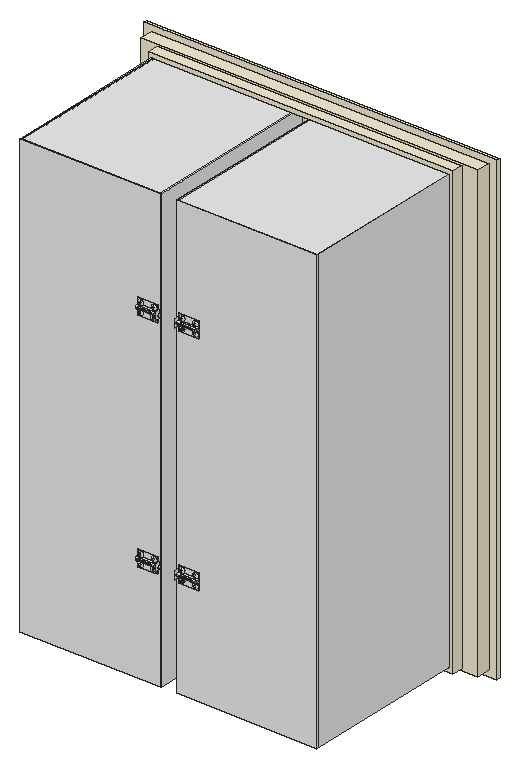
Revit family "4C-11_Door_High_Units_RL.rfa", category Specialty Equipment, host Wall, Revit 2016 (continued)
Definition of nested family "3700 Series 4C OM2 Configuration"
  Dimensions and locks (in)
    equal spacing: plane 4 "Left Side Face of Door", plane 3 "Center (Left/Right)", plane 5 "Right Side Face of Door"
    "Door Width": plane 4 "Left Side Face of Door" to plane 5 "Right Side Face of Door"
    plane 8 to level = 3.23047"
    equal spacing: plane 8, plane 9, level
    locked: plane 7 "Front Face of Door" to plane 10 at 0.343
    "Center Lock-Vertical": plane 4 "Left Side Face of Door" to plane 11 "Center Lock Vertical"
    "Center Lock-Horizontal": plane 8 to plane 12 "Center Lock Horizontal"
    locked: plane 14 "Divider Height Align" to plane 8 at 0.27
    plane 4 "Left Side Face of Door" to plane 16 "Left Stud Align" to plane 17 "Right Stud Align" = 0.985", 2.813"
    plane 8 to plane 18 "Top Stud Align" to plane 19 "Bottom Stud Align" = 0.959", 1.312"
    plane 20 "Hinge Stud Align" to plane 5 "Right Side Face of Door" = 1.000"
    plane 8 to plane 21 "Mail Plate Top" to plane 22 "Mail Plate Bottom" = 0.615", 2.000"
    plane 4 "Left Side Face of Door" to plane 23 to plane 24 = 4.528", 4.000"
    plane 27 "Top of Mail Drop Divider" to plane 26 "Top of Mail Drop Door" to plane 14 "Divider Height Align" = 0.26953" locked, 3.23047"
    "Door Height": plane 27 "Top of Mail Drop Divider" to level
    plane 28 "Face of Mail Drop" to plane 10 = 0.150"
    locked: plane 27 "Top of Mail Drop Divider" to plane 29 "Top of Mail Slot" at 0.5796
    locked: plane 29 "Top of Mail Slot" to plane 30 "Bottom of Mail Slot" at 0.75
    locked: plane 4 "Left Side Face of Door" to plane 31 "Left Edge of Mail Slot" at 1.312
    locked: plane 32 "Right Edge of Mail Slot" to plane 5 "Right Side Face of Door" at 1.312
    locked: plane 33 "Mail Slot Bottom Protusion" to plane 29 "Top of Mail Slot" at 0.089
    plane 28 "Face of Mail Drop" to plane 34 = 0.174"
    plane 33 "Mail Slot Bottom Protusion" to plane 35 = 0.3535"
    plane 28 "Face of Mail Drop" to plane 36 "Front of Awning" = 1.315"
    plane 4 "Left Side Face of Door" to plane 5 "Right Side Face of Door" = 13.375"
    plane 6 "Back Face of Door" to plane 36 "Front of Awning" = 1.76191"
    "Access Lock Offset": plane 39 "Access Lock Offset" to plane 6 "Back Face of Door"
    aligned and locked: level to plane 2 "Bottom of Door"
    aligned and locked: plane 4 "Left Side Face of Door" to Extrusion 1
    aligned and locked: plane 6 "Back Face of Door" to Extrusion 1
    aligned and locked: plane 7 "Front Face of Door" to Extrusion 1
    aligned and locked: Extrusion 1 to level
    aligned and locked: plane 8 to Extrusion 1
    aligned and locked: Extrusion 2 sketch curve to plane 4 "Left Side Face of Door"
    aligned and locked: Extrusion 2 sketch curve to plane 6 "Back Face of Door"
    aligned and locked: plane 5 "Right Side Face of Door" to Extrusion 2 sketch curve
    aligned and locked: Extrusion 2 to plane 8
    aligned and locked: plane 10 to Extrusion 2 sketch curve
    aligned and locked: plane 14 "Divider Height Align" to Extrusion 2
    aligned and locked: plane 4 "Left Side Face of Door" to Extrusion 2
    aligned and locked: Extrusion 2 to plane 5 "Right Side Face of Door"
    aligned and locked: Extrusion 13 to plane 28 "Face of Mail Drop"
    aligned and locked: plane 29 "Top of Mail Slot" to Extrusion 14 sketch curve
    aligned and locked: cut or joined group of Extrusion 13, Extrusion 14 to cut or joined group of Extrusion 13, Extrusion 14
    aligned and locked: cut or joined group of Extrusion 1, Extrusion 3 to plane 2 "Bottom of Door"
  Automatic sketch dimensions
    Extrusion 1 sketch curve to plane 4 "Left Side Face of Door" = 0.000"
    Extrusion 1 sketch curve to plane 6 "Back Face of Door" = 0.000"
    Extrusion 1 sketch curve to plane 7 "Front Face of Door" = 0.000"
    Extrusion 1 sketch curve to plane 5 "Right Side Face of Door" = 0.000"
    Extrusion 1 sketch curve to plane 4 "Left Side Face of Door" = 0.252"
    Extrusion 1 sketch curve to plane 20 "Hinge Stud Align" = 0.36875"
    Extrusion 1 sketch curve to plane 25 "Face of Mail Plate" = 0.07029"
    plane 5 "Right Side Face of Door" to Extrusion 1 sketch curve = 0.195"
    Extrusion 1 sketch curve to plane 25 "Face of Mail Plate" = 0.10562"
    Extrusion 1 sketch curve to plane 13 "Face of Lock" = 0.07658"
    plane 1 "Center (Front/Back)" to Extrusion 1 sketch curve = 0.05445"
    Extrusion 1 sketch curve to plane 13 "Face of Lock" = 0.12063"
    Extrusion 5 sketch curve to plane 11 "Center Lock Vertical" = 0.0293"
    plane 11 "Center Lock Vertical" to Extrusion 5 sketch curve = 0.0293"
    Extrusion 5 sketch curve to plane 9 = 0.30959"
    plane 9 to Extrusion 5 sketch curve = 0.30959"
    plane 16 "Left Stud Align" to Blend 6 sketch curve = 0.000"  (x2)
    Blend 6 sketch curve to plane 18 "Top Stud Align" = 0.000"  (x2)
    plane 17 "Right Stud Align" to Blend 7 sketch curve = 0.000"  (x2)
    Blend 7 sketch curve to plane 18 "Top Stud Align" = 0.000"  (x2)
    plane 16 "Left Stud Align" to Blend 8 sketch curve = 0.000"  (x2)
    Blend 8 sketch curve to plane 19 "Bottom Stud Align" = 0.000"  (x2)
    plane 17 "Right Stud Align" to Blend 9 sketch curve = 0.000"  (x2)
    Blend 9 sketch curve to plane 19 "Bottom Stud Align" = 0.000"  (x2)
    Blend 10 sketch curve to plane 18 "Top Stud Align" = 0.000"  (x2)
    plane 20 "Hinge Stud Align" to Blend 10 sketch curve = 0.000"  (x2)
    Blend 11 sketch curve to plane 19 "Bottom Stud Align" = 0.000"  (x2)
    plane 20 "Hinge Stud Align" to Blend 11 sketch curve = 0.000"  (x2)
    plane 24 to Extrusion 12 sketch curve = 0.000"
    Extrusion 12 sketch curve to plane 22 "Mail Plate Bottom" = 0.000"
    Extrusion 12 sketch curve to plane 21 "Mail Plate Top" = 0.000"
    plane 23 to Extrusion 12 sketch curve = 0.000"
    plane 24 to Extrusion 12 sketch curve = 0.19922"  (x2)
    plane 18 "Top Stud Align" to Extrusion 12 sketch curve = 0.14478"
    Extrusion 12 sketch curve to plane 23 = 0.19922"
    Extrusion 13 sketch curve to plane 5 "Right Side Face of Door" = 0.000"
    Extrusion 13 sketch curve to plane 4 "Left Side Face of Door" = 0.000"
    Extrusion 13 sketch curve to plane 6 "Back Face of Door" = 0.000"
    Extrusion 13 sketch curve to plane 7 "Front Face of Door" = 0.193"
    Extrusion 14 sketch curve to plane 30 "Bottom of Mail Slot" = 0.000"
    plane 32 "Right Edge of Mail Slot" to Extrusion 14 sketch curve = 0.375"
    Extrusion 14 sketch curve to plane 31 "Left Edge of Mail Slot" = 0.375"
    Extrusion 15 sketch curve to plane 35 = 0.000"
    Extrusion 15 sketch curve to plane 33 "Mail Slot Bottom Protusion" = 0.000"
    Extrusion 15 sketch curve to plane 34 = 0.000"
    Extrusion 15 sketch curve to plane 27 "Top of Mail Drop Divider" = 0.000"
    Extrusion 15 sketch curve to plane 6 "Back Face of Door" = 0.000"
    plane 26 "Top of Mail Drop Door" to Extrusion 15 sketch curve = 0.07158"
    Extrusion 15 sketch curve to plane 34 = 0.24578"
    plane 26 "Top of Mail Drop Door" to Extrusion 15 sketch curve = 0.09984"
    Extrusion 15 sketch curve to Extrusion 15 sketch curve = 0.01632"
    plane 37 to Extrusion 15 sketch curve = 0.05062"
    Extrusion 15 sketch curve to plane 33 "Mail Slot Bottom Protusion" = 0.01599"
    plane 33 "Mail Slot Bottom Protusion" to Extrusion 15 sketch curve = 0.01227"
    plane 36 "Front of Awning" to Extrusion 15 sketch curve = 0.17915"
    plane 35 to Extrusion 15 sketch curve = 0.02246"
    Extrusion 15 sketch curve to Extrusion 15 sketch curve = 0.0724"
    plane 36 "Front of Awning" to Extrusion 15 sketch curve = 0.04696"
    plane 36 "Front of Awning" to Extrusion 15 sketch curve = 0.02469"
    plane 36 "Front of Awning" to Extrusion 15 sketch curve = 0.00781"
    Extrusion 15 sketch curve to Extrusion 15 sketch curve = 0.05983"
    Extrusion 4 sketch curve to plane 9 = 0.000"
    plane 11 "Center Lock Vertical" to Extrusion 4 sketch curve = 0.000"
    Extrusion 3 sketch curve to plane 9 = 0.000"
    plane 11 "Center Lock Vertical" to Extrusion 3 sketch curve = 0.000"
    radius of Blend 6 sketch curve = 0.15665"
    radius of Blend 6 sketch curve = 0.3125"
    radius of Blend 7 sketch curve = 0.15665"
    radius of Blend 7 sketch curve = 0.3125"
    radius of Blend 8 sketch curve = 0.15665"
    radius of Blend 8 sketch curve = 0.3125"
    radius of Blend 9 sketch curve = 0.15665"
    radius of Blend 9 sketch curve = 0.3125"
    radius of Blend 10 sketch curve = 0.15665"
    radius of Blend 10 sketch curve = 0.3125"
    radius of Blend 11 sketch curve = 0.15665"
    radius of Blend 11 sketch curve = 0.3125"
    radius of Extrusion 4 sketch curve = 0.42913"
    radius of Extrusion 3 sketch curve = 0.4375"
Definition of nested family "4C Latch Lock-Right"
  Parameters (values of type "Lock Latch")
    Width = 1.750"
    Type Comments = "Lock Latch for Aluminum Mailboxes"
    Visible Latch = yes
    Manufacturer = "Salsbury Industries"
    Height = 1.375"
    Depth = 0.244"
    Back Enclosure Material = none
  Reference planes (in)
    plane 1 "Center (Front/Back)": y = 0
    plane 2 "left": z = 0
    plane 3 "Center (Left/Right)": x = 0
    plane 4 "top": x = -0.875
    plane 5 "bottom": x = 0.875
    plane 6 "Front": y = 0.122
    plane 7 "Back": y = -0.122
    plane 8 "Vertical Center": z = 0.6875
    plane 9 "right": z = 1.375
    plane 10: x = -1
    plane 11: x = -1.125
  Forms (in)
    Extrusion 1, solid, material <- "Back Enclosure Material", visible <- "Visible Latch"
      sketch origin (-0.67187, 0, 0.67188) x (0, 0, -1) y (0, 1, 0)
        loop
          line (-0.22131, -0.0902) -> (-0.70312, -0.0902) -> (-0.70312, -0.12209) -> (-0.22129, -0.12209)
          arc (-0.22129, -0.12209) -> (-0.1389, -0.08579) -> (-0.11009, -0.00048) r 0.11165
          arc (-0.11009, -0.00048) -> (-0.01599, 0.09362) -> (0.07812, -0.00048) r 0.09411
          arc (0.07812, -0.00048) -> (0.10866, -0.08591) -> (0.19189, -0.122) r 0.11401
          line (0.19189, -0.122) -> (0.67187, -0.122) -> (0.67187, -0.08954) -> (0.19205, -0.08954)
          arc (0.19205, -0.08954) -> (0.13091, -0.06294) -> (0.10869, -0.00006) r 0.08357
          arc (0.10869, -0.00006) -> (-0.01625, 0.12487) -> (-0.14118, -0.00006) r 0.12494
          arc (-0.14118, -0.00006) -> (-0.16101, -0.06312) -> (-0.22131, -0.0902) r 0.08069
      from -0.20313 to 1.54687
    Extrusion 2, void
      sketch origin (-0.86719, 0.122, 0.78906) x (0, 0, -1) y (1, 0, 0)
        loop
          line (0.02064, 1.43976) -> (0.02064, 0.31562) -> (0.29045, 0.31562) -> (0.29045, 0.47278) -> (0.12796, 0.47278) -> (0.12796, 1.28526) -> (0.27447, 1.28526) -> (0.27447, 1.43976) -> (0.02064, 1.43976)
      from -0.01091 to 0.1442
    Blend 3, solid, material <- "Back Enclosure Material", visible <- "Visible Latch"
      base sketch origin (-0.95312, 0.122, 0.96875) x (0, 0, -1) y (1, 0, 0)
        loop
          circle (-0.1252, 1.55349) r 0.1
      top sketch origin (-0.95312, 0.122, 0.96875) x (0, 0, -1) y (1, 0, 0)
        loop
          circle (-0.1252, 1.55349) r 0.215
      from 0.16742 to 0.21154
    Blend 4, solid, material <- "Back Enclosure Material", visible <- "Visible Latch"
      base sketch origin (-0.95312, 0.122, -0.54015) x (0, 0, -1) y (1, 0, 0)
        loop
          circle (-0.8037, 1.55349) r 0.1
      top sketch origin (-0.95312, 0.122, -0.54015) x (0, 0, -1) y (1, 0, 0)
        loop
          circle (-0.8037, 1.55349) r 0.215
      from 0.16742 to 0.21154
    Blend 5, solid, material <- "Back Enclosure Material", visible <- "Visible Latch"
      base sketch origin (-1.95312, 0.122, 0.96875) x (0, 0, -1) y (1, 0, 0)
        loop
          circle (-0.1252, 1.36599) r 0.1
      top sketch origin (-1.95312, 0.122, 0.96875) x (0, 0, -1) y (1, 0, 0)
        loop
          circle (-0.1252, 1.36599) r 0.215
      from 0.16742 to 0.21154
    Blend 6, solid, material <- "Back Enclosure Material", visible <- "Visible Latch"
      base sketch origin (-1.95312, 0.122, -0.55578) x (0, 0, -1) y (1, 0, 0)
        loop
          circle (-0.8037, 1.36599) r 0.1
      top sketch origin (-1.95312, 0.122, -0.55578) x (0, 0, -1) y (1, 0, 0)
        loop
          circle (-0.8037, 1.36599) r 0.215
      from 0.16742 to 0.21154
    Extrusion 7, solid, material <- "Back Enclosure Material", visible <- "Visible Latch"
      sketch origin (-1.22585, -7.77812, 0.87452) x (0, 0, -1) y (0, 1, 0)
        loop
          circle (0.18702, 7.77784) r 0.09014
      from 0.10085 to 2.10085
    Extrusion 8, solid, material <- "Back Enclosure Material", visible <- "Visible Latch"
      sketch origin (-0.59584, -7.78798, 0.67188) x (1, 0, 0) y (0, 1, 0)
        loop
          circle (0.12087, 7.81979) r 0.05
      from 0.01562 to -0.5
    Extrusion 9, solid, material <- "Back Enclosure Material", visible <- "Visible Latch"
      sketch origin (-1.09375, -0.02845, 1.02999) x (0, 0, -1) y (1, 0, 0)
        loop
          line (0.68574, 0.09375) -> (0.68574, 0.12475) -> (-0.00176, 0.12475) -> (-0.00176, 0.09375) -> (0.68574, 0.09375)
      from -0.25 to 0.09355
    Extrusion 10, void
      sketch origin (-0.969, -7.77845, 0.87437) x (0, 0, -1) y (0, -1, 0)
        loop
          circle (0.18637, -7.77776) r 0.09325
      from 0 to 0.031
  Cuts and joins
    Extrusion 2 cuts Extrusion 1
    Extrusion 10 cuts Extrusion 9
  Dimensions and locks (in)
    equal spacing: plane 7 "Back", plane 1 "Center (Front/Back)", plane 6 "Front"
    "Depth": plane 7 "Back" to plane 6 "Front"
    equal spacing: plane 4 "top", plane 3 "Center (Left/Right)", plane 5 "bottom"
    "Width": plane 4 "top" to plane 5 "bottom"
    equal spacing: plane 9 "right", plane 8 "Vertical Center", plane 2 "left"
    "Height": plane 9 "right" to plane 2 "left"
    plane 10 to plane 4 "top" = 0.125"
    plane 11 to plane 4 "top" = 0.250"
    plane 10 to plane 11 = 0.125"
    aligned and locked: level to plane 2 "left"
  Automatic sketch dimensions
    Extrusion 1 sketch curve to plane 7 "Back" = 0.000"
    Extrusion 1 sketch curve to plane 7 "Back" = 0.0318"
    plane 9 "right" to Extrusion 1 sketch curve = 0.000"
    Extrusion 1 sketch curve to plane 8 "Vertical Center" = 0.20569"
    plane 7 "Back" to Extrusion 1 sketch curve = 0.00009"
    Extrusion 1 sketch curve to plane 8 "Vertical Center" = 0.20567"
    plane 1 "Center (Front/Back)" to Extrusion 1 sketch curve = 0.00006"
    Extrusion 1 sketch curve to plane 8 "Vertical Center" = 0.00062"
    Extrusion 1 sketch curve to Extrusion 1 sketch curve = 0.00026"
    Extrusion 1 sketch curve to Extrusion 1 sketch curve = 0.20788"
    Extrusion 1 sketch curve to Extrusion 1 sketch curve = 0.00016"
    Extrusion 1 sketch curve to level = 0.000"
    Extrusion 1 sketch curve to plane 7 "Back" = 0.03246"
    plane 1 "Center (Front/Back)" to Extrusion 1 sketch curve = 0.01045"
    Extrusion 1 sketch curve to Extrusion 1 sketch curve = 0.00094"
    Extrusion 1 sketch curve to Extrusion 1 sketch curve = 0.00201"
    Extrusion 2 sketch curve to plane 8 "Vertical Center" = 0.08092"
    plane 5 "bottom" to Extrusion 2 sketch curve = 0.45693"
    plane 8 "Vertical Center" to Extrusion 2 sketch curve = 0.0264"
    Extrusion 2 sketch curve to Extrusion 2 sketch curve = 0.16249"
    Extrusion 2 sketch curve to Extrusion 2 sketch curve = 0.14651"
    Extrusion 2 sketch curve to plane 3 "Center (Left/Right)" = 0.3944"
    Extrusion 2 sketch curve to plane 4 "top" = 0.32343"
    plane 5 "bottom" to Extrusion 2 sketch curve = 0.30243"
    plane 5 "bottom" to Blend 3 sketch curve = 0.27463"  (x2)
    Blend 3 sketch curve to plane 8 "Vertical Center" = 0.40645"  (x2)
    plane 5 "bottom" to Blend 4 sketch curve = 0.27463"  (x2)
    level to Blend 4 sketch curve = 0.26355"  (x2)
    Blend 5 sketch curve to plane 8 "Vertical Center" = 0.40645"  (x2)
    Blend 5 sketch curve to plane 3 "Center (Left/Right)" = 0.58713"  (x2)
    level to Blend 6 sketch curve = 0.24792"  (x2)
    Blend 6 sketch curve to plane 3 "Center (Left/Right)" = 0.58713"  (x2)
    plane 1 "Center (Front/Back)" to Extrusion 7 sketch curve = 0.00028"
    plane 8 "Vertical Center" to Extrusion 7 sketch curve = 0.000"
    Extrusion 8 sketch curve to plane 1 "Center (Front/Back)" = 0.03181"
    Extrusion 8 sketch curve to plane 4 "top" = 0.40003"
    Extrusion 9 sketch curve to plane 8 "Vertical Center" = 0.34425"
    level to Extrusion 9 sketch curve = 0.34425"
    plane 4 "top" to Extrusion 9 sketch curve = 0.125"
    Extrusion 9 sketch curve to Extrusion 9 sketch curve = 0.031"
    plane 1 "Center (Front/Back)" to Extrusion 10 sketch curve = 0.0007"
    Extrusion 10 sketch curve to plane 8 "Vertical Center" = 0.0005"
    radius of Blend 3 sketch curve = 0.100"
    radius of Blend 3 sketch curve = 0.215"
    radius of Blend 4 sketch curve = 0.100"
    radius of Blend 4 sketch curve = 0.215"
    radius of Blend 5 sketch curve = 0.100"
    radius of Blend 5 sketch curve = 0.215"
    radius of Blend 6 sketch curve = 0.100"
    radius of Blend 6 sketch curve = 0.215"
    radius of Extrusion 7 sketch curve = 0.09014"
    radius of Extrusion 8 sketch curve = 0.050"
    radius of Extrusion 10 sketch curve = 0.09325"
Definition of nested family "4C Latch Lock-Left"
  Parameters (values of type "Lock Latch")
    Width = 1.750"
    Type Comments = "Lock Latch for Aluminum Mailboxes"
    Visible Latch = yes
    Manufacturer = "Salsbury Industries"
    Height = 1.375"
    Depth = 0.244"
    Back Enclosure Material = none
  Reference planes (in)
    plane 1 "Center (Front/Back)": y = 0
    plane 2 "left": z = 0
    plane 3 "Center (Left/Right)": x = 0
    plane 4 "top": x = -0.875
    plane 5 "bottom": x = 0.875
    plane 6 "Front": y = 0.122
    plane 7 "Back": y = -0.122
    plane 8 "Vertical Center": z = 0.6875
    plane 9 "right": z = 1.375
    plane 10: x = 1
    plane 11: x = 1.125
  Forms (in)
    Extrusion 1, solid, material <- "Back Enclosure Material", visible <- "Visible Latch"
      sketch origin (-0.67187, 0, 0.67188) x (0, 0, -1) y (0, 1, 0)
        loop
          line (-0.22131, -0.0902) -> (-0.70312, -0.0902) -> (-0.70312, -0.12209) -> (-0.22129, -0.12209)
          arc (-0.22129, -0.12209) -> (-0.1389, -0.08579) -> (-0.11009, -0.00048) r 0.11165
          arc (-0.11009, -0.00048) -> (-0.01599, 0.09362) -> (0.07812, -0.00048) r 0.09411
          arc (0.07812, -0.00048) -> (0.10866, -0.08591) -> (0.19189, -0.122) r 0.11401
          line (0.19189, -0.122) -> (0.67187, -0.122) -> (0.67187, -0.08954) -> (0.19205, -0.08954)
          arc (0.19205, -0.08954) -> (0.13091, -0.06294) -> (0.10869, -0.00006) r 0.08357
          arc (0.10869, -0.00006) -> (-0.01625, 0.12487) -> (-0.14118, -0.00006) r 0.12494
          arc (-0.14118, -0.00006) -> (-0.16101, -0.06312) -> (-0.22131, -0.0902) r 0.08069
      from -0.20313 to 1.54687
    Extrusion 2, void
      sketch origin (-0.86719, 0.122, 0.78906) x (0, 0, -1) y (1, 0, 0)
        loop
          line (0.02064, 1.43976) -> (0.02064, 0.31562) -> (0.29045, 0.31562) -> (0.29045, 0.47278) -> (0.12796, 0.47278) -> (0.12796, 1.28526) -> (0.27447, 1.28526) -> (0.27447, 1.43976) -> (0.02064, 1.43976)
      from -0.01091 to 0.1442
    Blend 3, solid, material <- "Back Enclosure Material", visible <- "Visible Latch"
      base sketch origin (-0.95312, 0.122, 0.96875) x (0, 0, -1) y (1, 0, 0)
        loop
          circle (-0.1252, 1.55349) r 0.1
      top sketch origin (-0.95312, 0.122, 0.96875) x (0, 0, -1) y (1, 0, 0)
        loop
          circle (-0.1252, 1.55349) r 0.215
      from 0.16742 to 0.21154
    Blend 4, solid, material <- "Back Enclosure Material", visible <- "Visible Latch"
      base sketch origin (-0.95312, 0.122, -0.54015) x (0, 0, -1) y (1, 0, 0)
        loop
          circle (-0.8037, 1.55349) r 0.1
      top sketch origin (-0.95312, 0.122, -0.54015) x (0, 0, -1) y (1, 0, 0)
        loop
          circle (-0.8037, 1.55349) r 0.215
      from 0.16742 to 0.21154
    Blend 5, solid, material <- "Back Enclosure Material", visible <- "Visible Latch"
      base sketch origin (-1.95312, 0.122, 0.96875) x (0, 0, -1) y (1, 0, 0)
        loop
          circle (-0.1252, 1.36599) r 0.1
      top sketch origin (-1.95312, 0.122, 0.96875) x (0, 0, -1) y (1, 0, 0)
        loop
          circle (-0.1252, 1.36599) r 0.215
      from 0.16742 to 0.21154
    Blend 6, solid, material <- "Back Enclosure Material", visible <- "Visible Latch"
      base sketch origin (-1.95312, 0.122, -0.55578) x (0, 0, -1) y (1, 0, 0)
        loop
          circle (-0.8037, 1.36599) r 0.1
      top sketch origin (-1.95312, 0.122, -0.55578) x (0, 0, -1) y (1, 0, 0)
        loop
          circle (-0.8037, 1.36599) r 0.215
      from 0.16742 to 0.21154
    Extrusion 7, solid, material <- "Back Enclosure Material", visible <- "Visible Latch"
      sketch origin (-1.22585, -7.77812, 0.87452) x (0, 0, -1) y (0, 1, 0)
        loop
          circle (0.18702, 7.77784) r 0.09014
      from 0.35085 to 2.35085
    Extrusion 8, solid, material <- "Back Enclosure Material", visible <- "Visible Latch"
      sketch origin (0.37291, -7.78798, 0.67188) x (1, 0, 0) y (0, 1, 0)
        loop
          circle (0.12087, 7.81979) r 0.05
      from 0.01562 to -0.5
    Extrusion 9, solid, material <- "Back Enclosure Material", visible <- "Visible Latch"
      sketch origin (0.87525, -0.02845, 1.02999) x (0, 0, -1) y (1, 0, 0)
        loop
          line (0.68574, 0.09375) -> (0.68574, 0.12475) -> (-0.00176, 0.12475) -> (-0.00176, 0.09375) -> (0.68574, 0.09375)
      from -0.25 to 0.09355
    Extrusion 10, void
      sketch origin (1, -7.77845, 0.87437) x (0, 0, -1) y (0, -1, 0)
        loop
          circle (0.18637, -7.77776) r 0.09325
      from 0 to 0.031
  Cuts and joins
    Extrusion 2 cuts Extrusion 1
    Extrusion 10 cuts Extrusion 9
  Dimensions and locks (in)
    equal spacing: plane 7 "Back", plane 1 "Center (Front/Back)", plane 6 "Front"
    "Depth": plane 7 "Back" to plane 6 "Front"
    equal spacing: plane 4 "top", plane 3 "Center (Left/Right)", plane 5 "bottom"
    "Width": plane 4 "top" to plane 5 "bottom"
    equal spacing: plane 9 "right", plane 8 "Vertical Center", plane 2 "left"
    "Height": plane 9 "right" to plane 2 "left"
    plane 4 "top" to plane 10 = 1.875"
    plane 5 "bottom" to plane 11 = 0.250"
    plane 11 to plane 10 = 0.125"
    aligned and locked: level to plane 2 "left"
  Automatic sketch dimensions
    Extrusion 1 sketch curve to plane 7 "Back" = 0.000"
    Extrusion 1 sketch curve to plane 7 "Back" = 0.0318"
    plane 9 "right" to Extrusion 1 sketch curve = 0.000"
    Extrusion 1 sketch curve to plane 8 "Vertical Center" = 0.20569"
    plane 7 "Back" to Extrusion 1 sketch curve = 0.00009"
    Extrusion 1 sketch curve to plane 8 "Vertical Center" = 0.20567"
    plane 1 "Center (Front/Back)" to Extrusion 1 sketch curve = 0.00006"
    Extrusion 1 sketch curve to plane 8 "Vertical Center" = 0.00062"
    Extrusion 1 sketch curve to Extrusion 1 sketch curve = 0.00026"
    Extrusion 1 sketch curve to Extrusion 1 sketch curve = 0.20788"
    Extrusion 1 sketch curve to Extrusion 1 sketch curve = 0.00016"
    Extrusion 1 sketch curve to level = 0.000"
    Extrusion 1 sketch curve to plane 7 "Back" = 0.03246"
    plane 1 "Center (Front/Back)" to Extrusion 1 sketch curve = 0.01045"
    Extrusion 1 sketch curve to Extrusion 1 sketch curve = 0.00094"
    Extrusion 1 sketch curve to Extrusion 1 sketch curve = 0.00201"
    Extrusion 2 sketch curve to plane 8 "Vertical Center" = 0.08092"
    plane 5 "bottom" to Extrusion 2 sketch curve = 0.45693"
    plane 8 "Vertical Center" to Extrusion 2 sketch curve = 0.0264"
    Extrusion 2 sketch curve to Extrusion 2 sketch curve = 0.16249"
    Extrusion 2 sketch curve to Extrusion 2 sketch curve = 0.14651"
    Extrusion 2 sketch curve to plane 3 "Center (Left/Right)" = 0.3944"
    Extrusion 2 sketch curve to plane 4 "top" = 0.32343"
    plane 5 "bottom" to Extrusion 2 sketch curve = 0.30243"
    plane 5 "bottom" to Blend 3 sketch curve = 0.27463"  (x2)
    Blend 3 sketch curve to plane 8 "Vertical Center" = 0.40645"  (x2)
    plane 5 "bottom" to Blend 4 sketch curve = 0.27463"  (x2)
    level to Blend 4 sketch curve = 0.26355"  (x2)
    Blend 5 sketch curve to plane 8 "Vertical Center" = 0.40645"  (x2)
    Blend 5 sketch curve to plane 3 "Center (Left/Right)" = 0.58713"  (x2)
    level to Blend 6 sketch curve = 0.24792"  (x2)
    Blend 6 sketch curve to plane 3 "Center (Left/Right)" = 0.58713"  (x2)
    plane 1 "Center (Front/Back)" to Extrusion 7 sketch curve = 0.00028"
    plane 8 "Vertical Center" to Extrusion 7 sketch curve = 0.000"
    Extrusion 8 sketch curve to plane 1 "Center (Front/Back)" = 0.03181"
    Extrusion 8 sketch curve to plane 4 "top" = 1.36878"
    Extrusion 9 sketch curve to plane 8 "Vertical Center" = 0.34425"
    level to Extrusion 9 sketch curve = 0.34425"
    Extrusion 9 sketch curve to plane 4 "top" = 1.844"
    Extrusion 9 sketch curve to Extrusion 9 sketch curve = 0.031"
    plane 1 "Center (Front/Back)" to Extrusion 10 sketch curve = 0.0007"
    Extrusion 10 sketch curve to plane 8 "Vertical Center" = 0.0005"
    radius of Blend 3 sketch curve = 0.100"
    radius of Blend 3 sketch curve = 0.215"
    radius of Blend 4 sketch curve = 0.100"
    radius of Blend 4 sketch curve = 0.215"
    radius of Blend 5 sketch curve = 0.100"
    radius of Blend 5 sketch curve = 0.215"
    radius of Blend 6 sketch curve = 0.100"
    radius of Blend 6 sketch curve = 0.215"
    radius of Extrusion 7 sketch curve = 0.09014"
    radius of Extrusion 8 sketch curve = 0.050"
    radius of Extrusion 10 sketch curve = 0.09325"
Types (13): name | Width | Vertical Center Divider | Type Comments | Right Inside Wall | Model | Lock Latches - Left Side | Left Inside Wall | Latch Alignment | Door Slot R9 Number | Door Slot R9 | Door Slot R8 Number | Door Slot R8 | Door Slot R7 Number | Door Slot R7 | Door Slot R6 | Door Slot R5 Number | Door Slot R5 | Door Slot R4 Number | Door Slot R4 | Door Slot R3 Number | Door Slot R3 | Door Slot R2 Number | Door Slot R2 | Door Slot R11 Number | Door Slot R11 | Door Slot R10 Number | Door Slot R10 | Door Slot R1 Number | Door Slot R1 | Door Slot L9 Number | Door Slot L9 | Door Slot L8 Number | Door Slot L8 | Door Slot L7 Number | Door Slot L7 | Door Slot L6 Number | Door Slot L6 | Door Slot L5 Number | Door Slot L5 | Door Slot L4 Number | Door Slot L4 | Door Slot L3 Number | Door Slot L3 | Door Slot L2 Number | Door Slot L2 | Door Slot L11 Number | Door Slot L11 | Door Slot L10 Number | Door Slot L10 | Door Slot L1 Number | Door Slot L1 | Description | Center Extrusion Offset | Above Finished Floor (AFF-Bottom of Unit) | Above Finished Floor (AFF-Bottom of Door)
  3711D-05 RL | 31.09766" | yes | "4C Standard Horizontal Mailbox - Rear Loading" | yes | "3711D-10 RL" | yes | yes | 14.85742" | "0" | 3700 Series 4C Door Configurations : Empty | "0" | 3700 Series 4C Door Configurations : Empty | "0" | 3700 Series 4C Door Configurations : Empty | 3700 Series 4C OM2 Configuration : OM2-RL | "0" | 3700 Series 4C Door Configurations : Empty | "5" | 3700 Series 4C Door Configurations : MB2 Door w/ Divider | "0" | 3700 Series 4C Door Configurations : Empty | "4" | 3700 Series 4C Door Configurations : MB2 Door | "2P" | 3700 Series 4C Parcel Configurations : PL5 w/ Divider | "0" | 3700 Series 4C Door Configurations : Empty | "0" | 3700 Series 4C Door Configurations : Empty | "0" | 3700 Series 4C Door Configurations : Empty | "0" | 3700 Series 4C Door Configurations : Empty | "0" | 3700 Series 4C Door Configurations : Empty | "3" | 3700 Series 4C Door Configurations : MB2 Door w/ Divider | "0" | 3700 Series 4C Door Configurations : Empty | "2" | 3700 Series 4C Door Configurations : MB2 Door w/ Divider | "0" | 3700 Series 4C Door Configurations : Empty | "1" | 3700 Series 4C Door Configurations : MB2 Door | "1P" | 3700 Series 4C Parcel Configurations : PL5 w/ Divider | "0" | 3700 Series 4C Door Configurations : Empty | "0" | 3700 Series 4C Door Configurations : Empty | "11 Door High Unit: 5 MB2, 2 PL5, OM2" | 0.000" | 13.683" | 15.000"
  3711D-09 RL | 31.09766" | yes | "4C Standard Horizontal Mailbox - Rear Loading" | yes | "3711D-09 RL" | yes | yes | 14.85742" | "0" | 3700 Series 4C Door Configurations : Empty | "0" | 3700 Series 4C Door Configurations : Empty | "0" | 3700 Series 4C Door Configurations : Empty | 3700 Series 4C OM2 Configuration : OM2-RL | "0" | 3700 Series 4C Door Configurations : Empty | "9" | 3700 Series 4C Door Configurations : MB1 Door w/ Divider | "8" | 3700 Series 4C Door Configurations : MB1 Door w/ Divider | "7" | 3700 Series 4C Door Configurations : MB1 Door w/ Divider | "2P" | 3700 Series 4C Parcel Configurations : PL5 w/ Divider | "0" | 3700 Series 4C Door Configurations : Empty | "6" | 3700 Series 4C Door Configurations : MB1 Door | "0" | 3700 Series 4C Door Configurations : Empty | "0" | 3700 Series 4C Door Configurations : Empty | "0" | 3700 Series 4C Door Configurations : Empty | "6" | 3700 Series 4C Door Configurations : Empty | "5" | 3700 Series 4C Door Configurations : MB1 Door w/ Divider | "4" | 3700 Series 4C Door Configurations : MB1 Door w/ Divider | "3" | 3700 Series 4C Door Configurations : MB1 Door w/ Divider | "2" | 3700 Series 4C Door Configurations : MB1 Door w/ Divider | "1P" | 3700 Series 4C Parcel Configurations : PL6 w/ Divider | "0" | 3700 Series 4C Door Configurations : Empty | "1" | 3700 Series 4C Door Configurations : MB1 Door | "11 Door High Unit: 9 MB1, 1 PL5, 1 PL6, OM2" | 0.000" | 13.683" | 15.000"
  3711D-10 RL | 31.09766" | yes | "4C Standard Horizontal Mailbox - Rear Loading" | yes | "3711D-10 RL" | yes | yes | 14.85742" | "0" | 3700 Series 4C Door Configurations : Empty | "0" | 3700 Series 4C Door Configurations : Empty | "0" | 3700 Series 4C Door Configurations : Empty | 3700 Series 4C OM2 Configuration : OM2-RL | "0" | 3700 Series 4C Door Configurations : Empty | "10" | 3700 Series 4C Door Configurations : MB1 Door w/ Divider | "9" | 3700 Series 4C Door Configurations : MB1 Door w/ Divider | "8" | 3700 Series 4C Door Configurations : MB1 Door w/ Divider | "2P" | 3700 Series 4C Parcel Configurations : PL5 w/ Divider | "0" | 3700 Series 4C Door Configurations : Empty | "7" | 3700 Series 4C Door Configurations : MB1 Door | "0" | 3700 Series 4C Door Configurations : Empty | "0" | 3700 Series 4C Door Configurations : Empty | "0" | 3700 Series 4C Door Configurations : Empty | "6" | 3700 Series 4C Door Configurations : MB1 Door w/ Divider | "5" | 3700 Series 4C Door Configurations : MB1 Door w/ Divider | "4" | 3700 Series 4C Door Configurations : MB1 Door w/ Divider | "3" | 3700 Series 4C Door Configurations : MB1 Door w/ Divider | "2" | 3700 Series 4C Door Configurations : MB1 Door w/ Divider | "1P" | 3700 Series 4C Parcel Configurations : PL5 w/ Divider | "0" | 3700 Series 4C Door Configurations : Empty | "1" | 3700 Series 4C Door Configurations : MB1 Door | "11 Door High Unit: 10 MB1, 2 PL5, OM2" | 0.000" | 13.683" | 15.000"
  3711D-15 RL | 31.09766" | yes | "4C Standard Horizontal Mailbox - Rear Loading" | yes | "3711D-15 RL" | yes | yes | 14.85742" | "13" | 3700 Series 4C Door Configurations : MB1 Door w/ Divider | "12" | 3700 Series 4C Door Configurations : MB1 Door w/ Divider | "11" | 3700 Series 4C Door Configurations : MB1 Door w/ Divider | 3700 Series 4C OM2 Configuration : OM2-RL | "0" | 3700 Series 4C Door Configurations : Empty | "10" | 3700 Series 4C Door Configurations : MB1 Door w/ Divider | "9" | 3700 Series 4C Door Configurations : MB1 Door w/ Divider | "8" | 3700 Series 4C Door Configurations : MB1 Door w/ Divider | "15" | 3700 Series 4C Door Configurations : MB1 Door w/ Divider | "14" | 3700 Series 4C Door Configurations : MB1 Door w/ Divider | "7" | 3700 Series 4C Door Configurations : MB1 Door | "0" | 3700 Series 4C Door Configurations : Empty | "0" | 3700 Series 4C Door Configurations : Empty | "0" | 3700 Series 4C Door Configurations : Empty | "6" | 3700 Series 4C Door Configurations : MB1 Door w/ Divider | "5" | 3700 Series 4C Door Configurations : MB1 Door w/ Divider | "4" | 3700 Series 4C Door Configurations : MB1 Door w/ Divider | "3" | 3700 Series 4C Door Configurations : MB1 Door w/ Divider | "2" | 3700 Series 4C Door Configurations : MB1 Door w/ Divider | "1P" | 3700 Series 4C Parcel Configurations : PL5 w/ Divider | "0" | 3700 Series 4C Door Configurations : Empty | "1" | 3700 Series 4C Door Configurations : MB1 Door | "11 Door High Unit: 15 MB1, 1 PL5, OM2" | 0.000" | 26.683" | 28.000"
  3711D-19 RL | 31.09766" | yes | "4C Standard Horizontal Mailbox - Rear Loading" | yes | "3711D-19 RL" | yes | yes | 14.85742" | "17" | 3700 Series 4C Door Configurations : MB1 Door w/ Divider | "16" | 3700 Series 4C Door Configurations : MB1 Door w/ Divider | "0" | 3700 Series 4C OM3 Configuration : OM3-RL | 3700 Series 4C Door Configurations : Empty | "0" | 3700 Series 4C Door Configurations : Empty | "15" | 3700 Series 4C Door Configurations : MB1 Door w/ Divider | "14" | 3700 Series 4C Door Configurations : MB1 Door w/ Divider | "13" | 3700 Series 4C Door Configurations : MB1 Door w/ Divider | "19" | 3700 Series 4C Door Configurations : MB1 Door w/ Divider | "18" | 3700 Series 4C Door Configurations : MB1 Door w/ Divider | "12" | 3700 Series 4C Door Configurations : MB1 Door | "9" | 3700 Series 4C Door Configurations : MB1 Door w/ Divider | "8" | 3700 Series 4C Door Configurations : MB1 Door w/ Divider | "7" | 3700 Series 4C Door Configurations : MB1 Door w/ Divider | "6" | 3700 Series 4C Door Configurations : MB1 Door w/ Divider | "5" | 3700 Series 4C Door Configurations : MB1 Door w/ Divider | "4" | 3700 Series 4C Door Configurations : MB1 Door w/ Divider | "3" | 3700 Series 4C Door Configurations : MB1 Door w/ Divider | "2" | 3700 Series 4C Door Configurations : MB1 Door w/ Divider | "11" | 3700 Series 4C Door Configurations : MB1 Door w/ Divider | "10" | 3700 Series 4C Door Configurations : MB1 Door w/ Divider | "1" | 3700 Series 4C Door Configurations : MB1 Door | "11 Door High Unit: 19 MB1, OM3" | 0.000" | 26.683" | 28.000"
  3711D-20 RL | 31.09766" | yes | "4C Standard Horizontal Mailbox - Rear Loading" | yes | "3711D-20 RL" | yes | yes | 14.85742" | "18" | 3700 Series 4C Door Configurations : MB1 Door w/ Divider | "17" | 3700 Series 4C Door Configurations : MB1 Door w/ Divider | "16" | 3700 Series 4C Door Configurations : MB1 Door w/ Divider | 3700 Series 4C OM2 Configuration : OM2-RL | "0" | 3700 Series 4C Door Configurations : Empty | "15" | 3700 Series 4C Door Configurations : MB1 Door w/ Divider | "14" | 3700 Series 4C Door Configurations : MB1 Door w/ Divider | "13" | 3700 Series 4C Door Configurations : MB1 Door w/ Divider | "20" | 3700 Series 4C Door Configurations : MB1 Door w/ Divider | "19" | 3700 Series 4C Door Configurations : MB1 Door w/ Divider | "12" | 3700 Series 4C Door Configurations : MB1 Door | "9" | 3700 Series 4C Door Configurations : MB1 Door w/ Divider | "8" | 3700 Series 4C Door Configurations : MB1 Door w/ Divider | "7" | 3700 Series 4C Door Configurations : MB1 Door w/ Divider | "6" | 3700 Series 4C Door Configurations : MB1 Door w/ Divider | "5" | 3700 Series 4C Door Configurations : MB1 Door w/ Divider | "4" | 3700 Series 4C Door Configurations : MB1 Door w/ Divider | "3" | 3700 Series 4C Door Configurations : MB1 Door w/ Divider | "2" | 3700 Series 4C Door Configurations : MB1 Door w/ Divider | "11" | 3700 Series 4C Door Configurations : MB1 Door w/ Divider | "10" | 3700 Series 4C Door Configurations : MB1 Door w/ Divider | "1" | 3700 Series 4C Door Configurations : MB1 Door | "11 Door High Unit: 20 MB1, OM2" | 0.000" | 26.683" | 28.000"
  3711D-4P RL | 31.09766" | yes | "4C Standard Horizontal Mailbox - Rear Loading" | yes | "3711D-4P RL" | yes | yes | 14.85742" | "0" | 3700 Series 4C Door Configurations : Empty | "0" | 3700 Series 4C Door Configurations : Empty | "0" | 3700 Series 4C Door Configurations : Empty | 3700 Series 4C OM1 Configuration : OM1-RL | "3P" | 3700 Series 4C Parcel Configurations : PL5 | "0" | 3700 Series 4C Door Configurations : Empty | "0" | 3700 Series 4C Door Configurations : Empty | "0" | 3700 Series 4C Door Configurations : Empty | "4P" | 3700 Series 4C Parcel Configurations : PL5 w/ Divider | "0" | 3700 Series 4C Door Configurations : Empty | "0" | 3700 Series 4C Door Configurations : Empty | "0" | 3700 Series 4C Door Configurations : Empty | "0" | 3700 Series 4C Door Configurations : Empty | "0" | 3700 Series 4C Door Configurations : Empty | "0" | 3700 Series 4C Door Configurations : Empty | "1P" | 3700 Series 4C Parcel Configurations : PL5 | "0" | 3700 Series 4C Door Configurations : Empty | "0" | 3700 Series 4C Door Configurations : Empty | "0" | 3700 Series 4C Door Configurations : Empty | "2P" | 3700 Series 4C Parcel Configurations : PL6 w/ Divider | "0" | 3700 Series 4C Door Configurations : Empty | "0" | 3700 Series 4C Door Configurations : Empty | "11 Door High Unit: 3 PL5, 1 PL6, CA" | 0.000" | 13.683" | 15.000"
  3711S-02 RL | 16.34375" | no | "4C Standard Horizontal Mailbox - Rear Loading" | no | "3711S-02 RL" | no | no | 13.876" | "0" | 3700 Series 4C Door Configurations : Empty | "0" | 3700 Series 4C Door Configurations : Empty | "0" | 3700 Series 4C Door Configurations : Empty | 3700 Series 4C OM2 Configuration : OM2-RL | "0" | 3700 Series 4C Door Configurations : Empty | "2" | 3700 Series 4C Door Configurations : MB2 Door w/ Divider | "0" | 3700 Series 4C Door Configurations : Empty | "1" | 3700 Series 4C Door Configurations : MB2 Door | "1P" | 3700 Series 4C Parcel Configurations : PL5 w/ Divider | "0" | 3700 Series 4C Door Configurations : Empty | "0" | 3700 Series 4C Door Configurations : Empty | "0" | 3700 Series 4C Door Configurations : Empty | "0" | 3700 Series 4C Door Configurations : Empty | "0" | 3700 Series 4C Door Configurations : Empty | "0" | 3700 Series 4C Door Configurations : Empty | "0" | 3700 Series 4C Door Configurations : Empty | "0" | 3700 Series 4C Door Configurations : Empty | "0" | 3700 Series 4C Door Configurations : Empty | "0" | 3700 Series 4C Door Configurations : Empty | "0" | 3700 Series 4C Door Configurations : Empty | "0" | 3700 Series 4C Door Configurations : Empty | "0" | 3700 Series 4C Door Configurations : Empty | "11 Door High Unit: 2 MB2, 1 PL5, OM2" | 48.000" | 13.683" | 15.000"
  3711S-04 RL | 16.34375" | no | "4C Standard Horizontal Mailbox - Rear Loading" | no | "3711S-04 RL" | no | no | 13.876" | "0" | 3700 Series 4C Door Configurations : Empty | "0" | 3700 Series 4C Door Configurations : Empty | "0" | 3700 Series 4C Door Configurations : Empty | 3700 Series 4C OM2 Configuration : OM2-RL | "0" | 3700 Series 4C Door Configurations : Empty | "4" | 3700 Series 4C Door Configurations : MB1 Door w/ Divider | "3" | 3700 Series 4C Door Configurations : MB1 Door w/ Divider | "2" | 3700 Series 4C Door Configurations : MB1 Door w/ Divider | "1P" | 3700 Series 4C Parcel Configurations : PL5 w/ Divider | "0" | 3700 Series 4C Door Configurations : Empty | "1" | 3700 Series 4C Door Configurations : MB1 Door | "0" | 3700 Series 4C Door Configurations : Empty | "0" | 3700 Series 4C Door Configurations : Empty | "0" | 3700 Series 4C Door Configurations : Empty | "0" | 3700 Series 4C Door Configurations : Empty | "0" | 3700 Series 4C Door Configurations : Empty | "0" | 3700 Series 4C Door Configurations : Empty | "0" | 3700 Series 4C Door Configurations : Empty | "0" | 3700 Series 4C Door Configurations : Empty | "0" | 3700 Series 4C Door Configurations : Empty | "0" | 3700 Series 4C Door Configurations : Empty | "0" | 3700 Series 4C Door Configurations : Empty | "11 Door High Unit: 4 MB1, 1 PL5, OM2" | 48.000" | 13.683" | 15.000"
  3711S-09 RL | 16.34375" | no | "4C Standard Horizontal Mailbox - Rear Loading" | no | "3711S-09 RL" | no | no | 13.876" | "7" | 3700 Series 4C Door Configurations : MB1 Door w/ Divider | "6" | 3700 Series 4C Door Configurations : MB1 Door w/ Divider | "5" | 3700 Series 4C Door Configurations : MB1 Door w/ Divider | 3700 Series 4C OM2 Configuration : OM2-RL | "0" | 3700 Series 4C Door Configurations : Empty | "4" | 3700 Series 4C Door Configurations : MB1 Door w/ Divider | "3" | 3700 Series 4C Door Configurations : MB1 Door w/ Divider | "2" | 3700 Series 4C Door Configurations : MB1 Door w/ Divider | "9" | 3700 Series 4C Door Configurations : MB1 Door w/ Divider | "8" | 3700 Series 4C Door Configurations : MB1 Door w/ Divider | "1" | 3700 Series 4C Door Configurations : MB1 Door | "0" | 3700 Series 4C Door Configurations : Empty | "0" | 3700 Series 4C Door Configurations : Empty | "0" | 3700 Series 4C Door Configurations : Empty | "0" | 3700 Series 4C Door Configurations : Empty | "0" | 3700 Series 4C Door Configurations : Empty | "0" | 3700 Series 4C Door Configurations : Empty | "0" | 3700 Series 4C Door Configurations : Empty | "0" | 3700 Series 4C Door Configurations : Empty | "0" | 3700 Series 4C Door Configurations : Empty | "0" | 3700 Series 4C Door Configurations : Empty | "0" | 3700 Series 4C Door Configurations : Empty | "11 Door High Unit: 9 MB1, OM2" | 48.000" | 26.683" | 28.000"
  3711S-1B RL | 16.34375" | no | "4C Horizontal Receptacle Bin - Rear Loading" | no | "3711S-1B RL" | no | no | 13.876" | "0" | 3700 Series 4C Door Configurations : Empty | "0" | 3700 Series 4C Door Configurations : Empty | "0" | 3700 Series 4C Door Configurations : Empty | 3700 Series 4C Door Configurations : Empty | "0" | 3700 Series 4C Door Configurations : Empty | "0" | 3700 Series 4C Door Configurations : Empty | "0" | 3700 Series 4C Door Configurations : Empty | "0" | 3700 Series 4C Door Configurations : Empty | "0" | 4C-11 Door High Receptacle : 4C-11 Door High Receptacle | "0" | 3700 Series 4C Door Configurations : Empty | "0" | 3700 Series 4C Door Configurations : Empty | "0" | 3700 Series 4C Door Configurations : Empty | "0" | 3700 Series 4C Door Configurations : Empty | "0" | 3700 Series 4C Door Configurations : Empty | "0" | 3700 Series 4C Door Configurations : Empty | "0" | 3700 Series 4C Door Configurations : Empty | "0" | 3700 Series 4C Door Configurations : Empty | "0" | 3700 Series 4C Door Configurations : Empty | "0" | 3700 Series 4C Door Configurations : Empty | "0" | 3700 Series 4C Door Configurations : Empty | "0" | 3700 Series 4C Door Configurations : Empty | "0" | 3700 Series 4C Door Configurations : Empty | "11 Door High Unit - 1 Receptacle Bin" | 48.000" | 13.683" | 15.000"
  3711S-1C RL | 16.34375" | no | "4C Horizontal Collection Box - Rear Loading" | no | "3711S-1C RL" | no | no | 13.876" | "0" | 3700 Series 4C Door Configurations : Empty | "0" | 3700 Series 4C Door Configurations : Empty | "0" | 3700 Series 4C Door Configurations : Empty | 3700 Series 4C Door Configurations : Empty | "0" | 3700 Series 4C Door Configurations : Empty | "0" | 3700 Series 4C Door Configurations : Empty | "0" | 3700 Series 4C Door Configurations : Empty | "0" | 3700 Series 4C Door Configurations : Empty | "0" | 4C-11 Door High Collection Box : 4C-11 Door High Collection Box | "0" | 3700 Series 4C Door Configurations : Empty | "0" | 3700 Series 4C Door Configurations : Empty | "0" | 3700 Series 4C Door Configurations : Empty | "0" | 3700 Series 4C Door Configurations : Empty | "0" | 3700 Series 4C Door Configurations : Empty | "0" | 3700 Series 4C Door Configurations : Empty | "0" | 3700 Series 4C Door Configurations : Empty | "0" | 3700 Series 4C Door Configurations : Empty | "0" | 3700 Series 4C Door Configurations : Empty | "0" | 3700 Series 4C Door Configurations : Empty | "0" | 3700 Series 4C Door Configurations : Empty | "0" | 3700 Series 4C Door Configurations : Empty | "0" | 3700 Series 4C Door Configurations : Empty | "11 Door High Unit" | 48.000" | 13.683" | 15.000"
  3711S-2P RL | 16.34375" | no | "4C Standard Horizontal Mailbox - Rear Loading" | no | "3711S-2P RL" | no | no | 13.876" | "0" | 3700 Series 4C Door Configurations : Empty | "0" | 3700 Series 4C Door Configurations : Empty | "0" | 3700 Series 4C Door Configurations : Empty | 3700 Series 4C Door Configurations : Empty | "1P" | 3700 Series 4C Parcel Configurations : PL5 | "0" | 3700 Series 4C Door Configurations : Empty | "0" | 3700 Series 4C Door Configurations : Empty | "0" | 3700 Series 4C Door Configurations : Empty | "2P" | 3700 Series 4C Parcel Configurations : PL6 w/ Divider | "0" | 3700 Series 4C Door Configurations : Empty | "0" | 3700 Series 4C Door Configurations : Empty | "0" | 3700 Series 4C Door Configurations : Empty | "0" | 3700 Series 4C Door Configurations : Empty | "0" | 3700 Series 4C Door Configurations : Empty | "0" | 3700 Series 4C Door Configurations : Empty | "0" | 3700 Series 4C Door Configurations : Empty | "0" | 3700 Series 4C Door Configurations : Empty | "0" | 3700 Series 4C Door Configurations : Empty | "0" | 3700 Series 4C Door Configurations : Empty | "0" | 3700 Series 4C Door Configurations : Empty | "0" | 3700 Series 4C Door Configurations : Empty | "0" | 3700 Series 4C Door Configurations : Empty | "11 Door High Unit:  1 PL5, 1 PL6" | 48.000" | 13.683" | 15.000"
